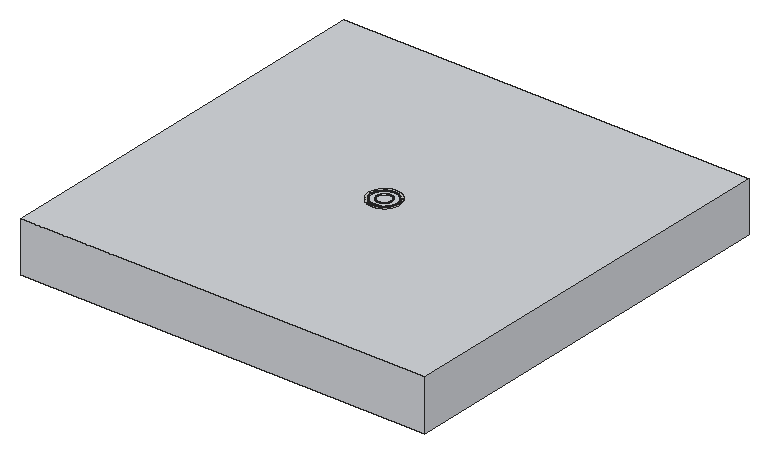
Revit family "LAMP_HANCE DOWNLIGHT RECESSED FLOOD 3000_4000", category Modelos genéricos, Revit 2015
Parameters (values of type "2686LM 4000K 3000 BLACK")
  Weight = 1.36 kg
  Aro 3000/4000 = yes
  Aro 1000/2000 = no
  Type = "COB PHILIPS"
  Tilting [instance] = if(Tilt < 0.00°, 180.00°, if(Tilt > 30.00°, 210.00°, Tilt + 180.00°))  # 180.00°
  Tilt [instance] = 0.00°
  Recessed diameter = 175 mm
  Protection rating = "IP20"
  Product datasheet = "http://www.lamp.es/product-files/TECH/HD1RE30FL840NBB-EN.pdf"
  Product code = "HD1RE30FL840NBB"
  Product URL = "https://www.lamp.es/en/family/hance-downlight_196363"
  Power Supply = "220-240V 50/60Hz"
  Power = 25 W
  Plum = 27.8 W
  Photometric web file = Cuerpo Hance BASE (tilting)_FL : 2686LM 4000K 3000 BLACK
  Modelo = Product code  # "HD1RE30FL840NBB"
  Model explanation = "Availability of tilting between 0º and 30º when placed in a project."
  Material interior aro = LAMP_Aluminio Hance Negro
  Material aro = LAMP_Aluminio Hance Negro
  Manufacturer name = "LAMP"
  Manufacturer country = "Spain"
  Manufacturer URL = "http://www.lamp.es/en"
  MacAdam = "3"
  Luminaire type = "Indoor - Recessed downlight"
  Last update = "21/11/2019"
  Lamp = "COB LED"
  LED Lifetime = "50.000 L80 B10"
  Insulation class = "II"
  Installation instructions = "https://www.lamp.es/product-files/INS/1004410-B-INSTR.%20DE%20MONTAJE%20HANCE%20DOWNLIGHT.pdf"
  Initial intensity = 2686 lm
  Initial color = 4000 K
  IEE = "A+"
  Gear = "Electronic"
  Finish = "Texturised black RAL 9011"
  Fabricante = Manufacturer name  # "LAMP"
  Default Elevation = 1219.2 mm
  Efficacy = 96.62 lm/W
  Radio aro exterior = 49 mm
  Diameter = 188 mm
  Descripción = "HANCE DOWN REC 3000 NW FL BK."
  Decorative ring [instance] = Aro decorativo 3000_4000 (tilting) : Black
  Comentarios de tipo = Model explanation  # "Availability of tilting between 0º and 30º when placed in a project."
  CRI = "80"
  Altura modulos = 145 mm
Types (8, lengths in mm): name | Product datasheet | Product code | Power | Plum | Photometric web file | Modelo | Material aro | Initial intensity | Initial color | Finish | Efficacy | Descripción
  2686LM 4000K 3000 BLACK | "http://www.lamp.es/product-files/TECH/HD1RE30FL840NBB-EN.pdf" | "HD1RE30FL840NBB" | 25 W | 27.8 W | Cuerpo Hance BASE (tilting)_FL : 2686LM 4000K 3000 BLACK | "HD1RE30FL840NBB" | LAMP_Aluminio Hance Negro | 2686 lm | 4000 K | "Texturised black RAL 9011" | 96.62 lm/W | "HANCE DOWN REC 3000 NW FL BK."
  2686LM 4000K 3000 WHITE | "http://www.lamp.es/product-files/TECH/HD1RE30FL840NBW-EN.pdf" | "HD1RE30FL840NBW" | 25 W | 27.8 W | Cuerpo Hance BASE (tilting)_FL : 2686LM 4000K 3000 WHITE | "HD1RE30FL840NBW" | LAMP_Aluminio Hance Blanco | 2686 lm | 4000 K | "Texturised white RAL 9010" | 96.62 lm/W | "HANCE DOWN REC 3000 NW FL WH."
  2740LM 3000K 3000 BLACK | "http://www.lamp.es/product-files/TECH/HD1RE30FL830NBB-EN.pdf" | "HD1RE30FL830NBB" | 25 W | 28.2 W | Cuerpo Hance BASE (tilting)_FL : 2740LM 3000K 3000 BLACK | "HD1RE30FL830NBB" | LAMP_Aluminio Hance Negro | 2740 lm | 3000 K | "Texturised black RAL 9011" | 97.16 lm/W | "HANCE DOWN REC 3000 WW FL BK."
  2740LM 3000K 3000 WHITE | "http://www.lamp.es/product-files/TECH/HD1RE30FL830NBW-EN.pdf" | "HD1RE30FL830NBW" | 25 W | 28.2 W | Cuerpo Hance BASE (tilting)_FL : 2740LM 3000K 3000 WHITE | "HD1RE30FL830NBW" | LAMP_Aluminio Hance Blanco | 2740 lm | 3000 K | "Texturised white RAL 9010" | 97.16 lm/W | "HANCE DOWN REC 3000 WW FL WH."
  3695LM 3000K 4000 BLACK | "http://www.lamp.es/product-files/TECH/HD1RE40FL830NBB-EN.pdf" | "HD1RE40FL830NBB" | 34 W | 37.6 W | Cuerpo Hance BASE (tilting)_FL : 3695LM 3000K 4000 BLACK | "HD1RE40FL830NBB" | LAMP_Aluminio Hance Negro | 3695 lm | 3000 K | "Texturised black RAL 9011" | 98.28 lm/W | "HANCE DOWN REC 4000 WW FL BK."
  3695LM 3000K 4000 WHITE | "http://www.lamp.es/product-files/TECH/HD1RE40FL830NBW-EN.pdf" | "HD1RE40FL830NBW" | 34 W | 37.6 W | Cuerpo Hance BASE (tilting)_FL : 3695LM 3000K 4000 WHITE | "HD1RE40FL830NBW" | LAMP_Aluminio Hance Blanco | 3695 lm | 3000 K | "Texturised white RAL 9010" | 98.28 lm/W | "HANCE DOWN REC 4000 WW FL WH."
  3845LM 4000K 4000 BLACK | "http://www.lamp.es/product-files/TECH/HD1RE40FL840NBB-EN.pdf" | "HD1RE40FL840NBB" | 34 W | 37.6 W | Cuerpo Hance BASE (tilting)_FL : 3845LM 4000K 4000 BLACK | "HD1RE40FL840NBB" | LAMP_Aluminio Hance Negro | 3845 lm | 4000 K | "Texturised black RAL 9011" | 102.26 lm/W | "HANCE DOWN REC 4000 NW FL BK."
  3845LM 4000K 4000 WHITE | "http://www.lamp.es/product-files/TECH/HD1RE40FL840NBW-EN.pdf" | "HD1RE40FL840NBW" | 34 W | 37.6 W | Cuerpo Hance BASE (tilting)_FL : 3845LM 4000K 4000 WHITE | "HD1RE40FL840NBW" | LAMP_Aluminio Hance Blanco | 3845 lm | 4000 K | "Texturised white RAL 9010" | 102.26 lm/W | "HANCE DOWN REC 4000 NW FL WH."
Reference planes
  plane 1 "Centro (Frontal/Posterior)": y = 0
  plane 2: z = 0
  plane 3 "Centro (Izquierda/Derecha)": x = 0
Forms (mm)
  Extrusion 1, solid
    sketch origin (0, 0, 0) x (1, 0, 0) y (0, 1, 0)
      loop
        line (-1219.2, 1219.2) -> (-1219.2, -1219.2) -> (1219.2, -1219.2) -> (1219.2, 1219.2) -> (-1219.2, 1219.2)
    from 0 to -304.8
  Revolve 2, solid, material "LAMP_Aluminio Hance Negro" <- "Material aro"
    sketch origin (0, 0, 0) x (1, 0, 0) y (0, 0, 1)
      loop
        line (94, 0) -> (94, 1) -> (79.1, 1) -> (79.1, -38.896) -> (87.1, -38.896) -> (87.1, -37.896) -> (81.6, -37.896) -> (81.6, 0) -> (94, 0)
      axis (0, 1) -> (0, -38.896)
    angle from 0 to 360
  Revolve 3, solid, material "LAMP_Aluminio Hance Negro" <- "Material interior aro", visible <- "Aro 3000/4000"
    sketch origin (0, 0, 0) x (1, 0, 0) y (0, 0, 1)
      loop
        arc (74.724, -0.646) -> (74.448, -1.016) -> (74.348, -1.466) r 1.1
        arc (74.348, -1.466) -> (72.204, -17.889) -> (66.127, -33.297) r 67.535
        arc (66.127, -33.297) -> (65.772, -33.665) -> (65.28, -33.8) r 0.965
        line (65.28, -33.8) -> (0, -33.8) -> (0, -34.8) -> (65.28, -34.8)
        arc (65.28, -34.8) -> (65.772, -34.665) -> (66.127, -34.297) r 0.965
        arc (66.127, -34.297) -> (72.204, -18.889) -> (74.348, -2.466) r 67.535
        arc (74.348, -2.466) -> (74.448, -2.016) -> (74.724, -1.646) r 1.1
        arc (74.724, -1.646) -> (76.762, -0.425) -> (79.1, 0) r 6.641
        line (79.1, 0) -> (79.1, 1)
        arc (79.1, 1) -> (76.762, 0.575) -> (74.724, -0.646) r 6.641
      axis (0, 1) -> (0, -34.8)
    angle from 0 to 360
  Extrusion 4, void
    sketch origin (0, 0, 0) x (1, 0, 0) y (0, 1, 0)
      loop
        line (22.671, 46.054) -> (-22.668, 46.054)
        arc (-22.668, 46.054) -> (-69.098, -0.376) -> (-22.668, -46.807) r 46.43
        line (-22.668, -46.807) -> (22.671, -46.807)
        arc (22.671, -46.807) -> (69.102, -0.376) -> (22.671, 46.054) r 46.43
    from -196.113 to 250
Cuts and joins
  Extrusion 4 cuts Revolve 3
Text (mm)
  text "Any modification of the parameters and properties of the LAMP BIM models must be executed and validated by the LAMP technical department.\n\nPhone: +34 93 736 68 00\n\nE-mail: lamp@lamp.es\n\n\n\nLAMP reserves the right to modify the technical specifications of its products." at (39771.841, -40794.867, 40621.237), in view "Preview"
Dimensions and locks
  aligned and locked: plane 2 to Extrusion 1
  aligned and locked: level to Extrusion 1
Nested families
  nested 1: "Aro decorativo 3000_4000 (tilting)" at (0, 0, -68.882) x (1, 0, 0) z (0, 0, -1), type <- "Decorative ring", type "Black"
    with Tilting 180.00°
  nested 2: "Cuerpo Hance BASE (tilting)_FL" at (0, 1.967, -6.662), type <- "Photometric web file", type "2686LM 4000K 3000 BLACK"
    with Tilting 180.00°
Definition of nested family "Aro decorativo 3000_4000 (tilting)"
  Parameters (values of type "Black")
    Weight (3000/4000) = 0.016 kg
    Weight (1000/2000) = 0.01 kg
    Tilting = 0.00°
    Product datasheet = ""
    Product code (3000/4000) = "HSRI90C"
    Product code (1000/2000) = "HSRI65C"
    Product URL = ""
    Model = ""
    Material aro = none
    Manufacturer name = "LAMP"
    Manufacturer country = "Spain"
    Manufacturer URL = "http://www.lamp.es/en"
    Longitud = 42.5 mm
    Last update = "21/05/2018"
    Installation instructions = ""
    Finish = "Metalized matt copper"
    Manufacturer = Manufacturer name  # "LAMP"
    Default Elevation = 1219.2 mm
    Diameter (3000/4000) = 90 mm
    Diameter (1000/2000) = 65 mm
    Description = ""
    Accessory Type = "Optic"
    3000/4000 Model = "HSRI90C"
    3000/4000 Description = "HANCE 3000/4000 ACC. RING DECO CO."
    1000/2000 Model = "HSRI65C"
    1000/2000 Description = "HANCE 1000/2000 ACC. RING DECO CO."
  Types (5, lengths in mm): name | Product code (3000/4000) | Product code (1000/2000) | Finish | 3000/4000 Model | 3000/4000 Description | 1000/2000 Model | 1000/2000 Description
    (no name) | "HSRI90C" | "HSRI65C" | "Metalized matt copper" | "HSRI90C" | "HANCE 3000/4000 ACC. RING DECO CO." | "HSRI65C" | "HANCE 1000/2000 ACC. RING DECO CO."
    Black | "HSRI90C" | "HSRI65C" | "Metalized matt copper" | "HSRI90C" | "HANCE 3000/4000 ACC. RING DECO CO." | "HSRI65C" | "HANCE 1000/2000 ACC. RING DECO CO."
    Copper | "HSRI90C" | "HSRI65C" | "Metalized matt copper" | "HSRI90C" | "HANCE 3000/4000 ACC. RING DECO CO." | "HSRI65C" | "HANCE 1000/2000 ACC. RING DECO CO."
    Grey | "HSRI90M" | "HSRI65M" | "Metalized matt silver" | "HSRI90M" | "HANCE 3000/4000 ACC. RING DECO MET." | "HSRI65M" | "HANCE 1000/2000 ACC. RING DECO MET."
    White | "HSRI90W" | "HSRI65W" | "Matt White" | "HSRI90W" | "HANCE 3000/4000 ACC. RING DECO WH." | "HSRI65W" | "HANCE 1000/2000 ACC. RING DECO WH."
  Reference planes
    plane 1 "Centro (Frontal/Posterior)": y = 0
    plane 2: z = 0
    plane 3 "Centro (Izquierda/Derecha)": x = 0
  Lines and regions (mm)
    reference lines
      curve 1: line (0, 0, 0) -> (0, 0, 80.8)
    model lines
      curve 2: line (68.747, 0, 0) -> (69.9, 0, 0)
  Text (mm)
    text "Any modification of the parameters and properties of the LAMP BIM models must be executed and validated by the LAMP technical department.\n\nPhone: +34 93 736 68 00\n\nE-mail: lamp@lamp.es\n\n\n\nLAMP reserves the right to modify the technical specifications of its products." at (86527.204, -96597.187, 50741.736), in view "Preview"
  Dimensions and locks
    "Tilting": angle curve 1 to plane 3 "Centro (Izquierda/Derecha)"
    aligned and locked: level to plane 2
    aligned and locked: plane 3 "Centro (Izquierda/Derecha)" to curve 1
    aligned and locked: plane 2 to curve 1
  Automatic sketch dimensions
    curve 2 to level = 0 mm
    plane 3 "Centro (Izquierda/Derecha)" to curve 2 = 68.747 mm
    curve 2 to curve 2 = 1.153 mm
  Nested families
    nested 1: "Aro decorativo 3000_4000" at (-27.9, 0, 17.2) x (0, 0, 1) z (-1, 0, 0), type "Copper"
  Definition of nested family "Aro decorativo 3000_4000"
    Parameters (values of type "Black")
      Weight (3000/4000) = 0.016 kg
      Weight (1000/2000) = 0.01 kg
      Product datasheet = ""
      Product code (3000/4000) = "HSRI90C"
      Product code (1000/2000) = "HSRI65C"
      Product URL = ""
      Model = ""
      Material aro = none
      Manufacturer name = "LAMP"
      Manufacturer country = "Spain"
      Manufacturer URL = "http://www.lamp.es/en"
      Longitud = 42.5 mm
      Last update = "21/05/2018"
      Installation instructions = ""
      Finish = "Metalized matt copper"
      Manufacturer = Manufacturer name  # "LAMP"
      Default Elevation = 1219.2 mm
      Diametro vaciado aro interior = if(Diametro aro interior = 35.4 mm, 34.4 mm, 21.9 mm)  # 34.4 mm
      Diametro vaciado aro exterior = if(Diametro aro exterior = 42.9 mm, 41.9 mm, 29.4 mm)  # 41.9 mm
      Diametro aro interior = if(Diametro aro exterior = 42.9 mm, 35.4 mm, 22.9 mm)  # 35.4 mm
      Diametro aro exterior = if(Longitud = 42.5 mm, 42.9 mm, 30.4 mm)  # 42.9 mm
      Diameter (3000/4000) = 90 mm
      Diameter (1000/2000) = 65 mm
      Description = ""
      Accessory Type = "Optic"
      3000/4000 Model = "HSRI90C"
      3000/4000 Description = "HANCE 3000/4000 ACC. RING DECO CO."
      1000/2000 Description = "HANCE 1000/2000 ACC. RING DECO CO."
      1000/2000 Model = "HSRI65C"
    Types (4, lengths in mm): name | Manufacturer URL
      Black | "http://www.lamp.es/en"
      Copper | "http://www.lamp.es/en"
      Grey | "http://www.lamp.es/en"
      White | ""
    Reference planes
      plane 1 "Centro (Frontal/Posterior)": y = 0
      plane 2: z = 0
      plane 3 "Centro (Izquierda/Derecha)": x = 0
    Forms (mm)
      Revolve 1, solid, material <- "Material aro"
        sketch origin (0, 0, -27.9) x (1, 0, 0) y (0, 0, 1)
          loop
            line (42.5, 0) -> (52.682, 0) -> (52.682, 42.9) -> (42.5, 35.4) -> (42.5, 0)
          axis (52.682, 0) -> (42.5, 0)
        angle from 0 to 360
      Revolve 2, void
        sketch origin (0, 0, -27.9) x (1, 0, 0) y (0, 0, 1)
          loop
            line (52.682, 41.9) -> (42.5, 34.4) -> (42.5, 0) -> (52.682, 0) -> (52.682, 41.9)
          axis (42.5, 0) -> (52.682, 0)
        angle from 0 to 360
    Cuts and joins
      Revolve 2 cuts Revolve 1
    Lines and regions (mm)
      reference lines
        curve 1: line (0, 0, -27.9) -> (42.5, 0, -27.9)
    Text (mm)
      text "Any modification of the parameters and properties of the LAMP BIM models must be executed and validated by the LAMP technical department.\n\nPhone: +34 93 736 68 00\n\nE-mail: lamp@lamp.es\n\n\n\nLAMP reserves the right to modify the technical specifications of its products." at (91886.357, -93022.329, 47898.266), in view "Preview"
    Dimensions and locks
      "Diametro aro exterior": Revolve 1 sketch curve to Revolve 1 sketch curve
      "Diametro vaciado aro exterior": Revolve 2 sketch curve to Revolve 2 sketch curve
      "Longitud": curve 1 to plane 3 "Centro (Izquierda/Derecha)"
      "Diametro aro interior": Revolve 1 sketch curve to Revolve 1 sketch curve
      "Diametro vaciado aro interior": Revolve 2 sketch curve to Revolve 2 sketch curve
      aligned and locked: level to plane 2
    Automatic sketch dimensions
      Revolve 1 sketch curve to curve 1 = 0 mm  (x4)
      curve 1 to Revolve 1 sketch curve = 10.182 mm
      Revolve 1 sketch curve to Revolve 1 sketch curve = 0 mm
      Revolve 2 sketch curve to curve 1 = 0 mm  (x3)
      curve 1 to Revolve 2 sketch curve = 10.182 mm
      Revolve 2 sketch curve to curve 1 = 1261.008 mm
      Revolve 2 sketch curve to Revolve 2 sketch curve = 1898.983 mm
      curve 1 to plane 3 "Centro (Izquierda/Derecha)" = 0 mm
      curve 1 to level = 27.9 mm
Definition of nested family "Cuerpo Hance BASE (tilting)_FL"
  Parameters (values of type "2686LM 4000K 3000 BLACK")
    Tilting = 90.00°
    Photometric web file = Cuerpo Hance BASE_FL : 2686LM 4000K 3000 BLACK
    Longitud cuerpo = 135 mm
    Default Elevation = 1219.2 mm
  Types (17, lengths in mm): name | Photometric web file
    (no name) | Cuerpo Hance BASE_FL : 2686LM 4000K 3000 BLACK
    675LM 4000K 1000 BLACK | Cuerpo Hance BASE_FL : 675LM 4000K 1000 BLACK
    675LM 4000K 1000 WHITE | Cuerpo Hance BASE_FL : 675LM 4000K 1000 WHITE
    697LM 3000K 1000 BLACK | Cuerpo Hance BASE_FL : 697LM 3000K 1000 BLACK
    697LM 3000K 1000 WHITE | Cuerpo Hance BASE_FL : 697LM 3000K 1000 WHITE
    1445LM 3000K 2000 BLACK | Cuerpo Hance BASE_FL : 1445LM 3000K 2000 BLACK
    1445LM 3000K 2000 WHITE | Cuerpo Hance BASE_FL : 1445LM 3000K 2000 WHITE
    1466LM 4000K 2000 BLACK | Cuerpo Hance BASE_FL : 1466LM 4000K 2000 BLACK
    1466LM 4000K 2000 WHITE | Cuerpo Hance BASE_FL : 1466LM 4000K 2000 WHITE
    2686LM 4000K 3000 BLACK | Cuerpo Hance BASE_FL : 2686LM 4000K 3000 BLACK
    2686LM 4000K 3000 WHITE | Cuerpo Hance BASE_FL : 2686LM 4000K 3000 WHITE
    2740LM 3000K 3000 BLACK | Cuerpo Hance BASE_FL : 2740LM 3000K 3000 BLACK
    2740LM 3000K 3000 WHITE | Cuerpo Hance BASE_FL : 2740LM 3000K 3000 WHITE
    3695LM 3000K 4000 BLACK | Cuerpo Hance BASE_FL : 3695LM 3000K 4000 BLACK
    3695LM 3000K 4000 WHITE | Cuerpo Hance BASE_FL : 3695LM 3000K 4000 WHITE
    3845LM 4000K 4000 BLACK | Cuerpo Hance BASE_FL : 3845LM 4000K 4000 BLACK
    3845LM 4000K 4000 WHITE | Cuerpo Hance BASE_FL : 3845LM 4000K 4000 WHITE
  Reference planes
    plane 1 "Centro (Frontal/Posterior)": y = 0
    plane 2: z = 0
    plane 3 "Centro (Izquierda/Derecha)": x = 0
  Lines and regions (mm)
    reference lines
      curve 1: line (0, 0, 0) -> (200, 0, 0)
  Dimensions and locks
    "Tilting": angle plane 3 "Centro (Izquierda/Derecha)" to curve 1
    aligned and locked: level to plane 2
    aligned and locked: plane 3 "Centro (Izquierda/Derecha)" to curve 1
    aligned and locked: plane 2 to curve 1
  Nested families
    nested 1: "Cuerpo Hance BASE_FL" at (-50.338, -1.967, 27.875), type <- "Photometric web file", type "2686LM 4000K 3000 BLACK"
  Definition of nested family "Cuerpo Hance BASE_FL"
    Parameters (values of type "675LM 4000K 1000 BLACK")
      Tilt Angle = 90.00° + Tilting  # 180.00°
      Wattage = 7.6 W
      Tilting = 90.00°
      built-in parameter 1150107 = 4000 (stored number, unit not read)
      Radio vacio posterior = Radio cuerpo - 2.2 mm  # 30.3 mm
      Radio vaciado = Radio cuerpo - 1.5 mm  # 31 mm
      Radio cuerpo = if(Longitud cuerpo = 100 mm, 45 mm, 32.5 mm)  # 32.5 mm
      built-in parameter 1150110 = 1 (stored number, unit not read)
      built-in parameter 1150109 = 1 (stored number, unit not read)
      built-in parameter 1150112 = 1 (stored number, unit not read)
      built-in parameter 1150113 = 1 (stored number, unit not read)
      built-in parameter 1114218 = 1 (stored number, unit not read)
      built-in parameter 1150137 = (empty or 0)
      built-in parameter 1150132 = 2
      Material reflector = none
      Material cuerpo = none
      Material COB = none
      Longitud cuerpo = 135 mm
      Long. origen luz = if(Longitud cuerpo = 100 mm, 20 mm, if(Longitud cuerpo = 170 mm, 55 mm, 90 mm))  # 90 mm
      L_3 = if(Ancho disipador posterior = 80.4 mm, 39.6 mm, 12 mm)  # 12 mm
      L_2 = if(Ancho disipador posterior = 80.4 mm, 36.3 mm, 22.6 mm)  # 22.6 mm
      L_1 = if(Ancho disipador posterior = 80.4 mm, 36.8 mm, 25.4 mm)  # 25.4 mm
      built-in parameter 1150105 = 2229.4 (stored number, unit not read)
      built-in parameter 1150102 = (empty or 0)
      built-in parameter 1150106 = 22.294 (stored number, unit not read)
      Lumens = 675.032 lm
      Color Filter = 16777215
      built-in parameter 1114217 = 1 (stored number, unit not read)
      built-in parameter 1150139 = (empty or 0)
      Default Elevation = 1219.2 mm
      built-in parameter 1150104 = 8.2516 (stored number, unit not read)
      Diametro aro = if(Radio cuerpo = 45 mm, 42.9 mm, 30.4 mm)  # 30.4 mm
      built-in parameter 1150115 = 1 (stored number, unit not read)
      built-in parameter 1150114 = 1 (stored number, unit not read)
      built-in parameter 1150138 = (empty or 0)
      built-in parameter 1150134 = 12
      Dimming Lamp Color Temperature Shift = (empty or 0)
      Photometric Web File = "HD1RE10FL840NBB.IES"
      Ancho vaciado reflector = if(Radio cuerpo = 45 mm, 34.4 mm, 21.9 mm)  # 21.9 mm
      Ancho reflector = if(Radio cuerpo = 45 mm, 35.4 mm, 22.9 mm)  # 22.9 mm
      Ancho disipador posterior = if(Radio cuerpo = 32.5 mm, 53 mm, 80.4 mm)  # 53 mm
      built-in parameter 1150133 = 10 (stored number, unit not read)
      Altura disipador superior = if(Radio cuerpo = 45 mm, 23.9 mm, 36.9 mm)  # 36.9 mm
      Ancho disipador superior = if(Radio cuerpo = 45 mm, 28 mm, 22.6 mm)  # 22.6 mm
    Types (16, lengths in mm): name | Wattage | built-in parameter 1150107 | Radio vacio posterior | Radio vaciado | Radio cuerpo | Longitud cuerpo | Long. origen luz | L_3 | L_2 | L_1 | built-in parameter 1150105 | built-in parameter 1150106 | Lumens | built-in parameter 1150104 | Diametro aro | built-in parameter 1150134 | Photometric Web File | Ancho vaciado reflector | Ancho reflector | Ancho disipador posterior | Altura disipador superior | Ancho disipador superior
      675LM 4000K 1000 BLACK | 7.6 W | 4000 (stored number, unit not read) | 30.3 | 31 | 32.5 | 135 | 90 | 12 | 22.6 | 25.4 | 2229.4 (stored number, unit not read) | 22.294 (stored number, unit not read) | 675.032 lm | 8.2516 (stored number, unit not read) | 30.4 | 12 | "HD1RE10FL840NBB.IES" | 21.9 | 22.9 | 53 | 36.9 | 22.6
      675LM 4000K 1000 WHITE | 7.6 W | 4000 (stored number, unit not read) | 30.3 | 31 | 32.5 | 135 | 90 | 12 | 22.6 | 25.4 | 2229.4 (stored number, unit not read) | 22.294 (stored number, unit not read) | 675.032 lm | 8.2516 (stored number, unit not read) | 30.4 | 12 | "HD1RE10FL840NBW.IES" | 21.9 | 22.9 | 53 | 36.9 | 22.6
      697LM 3000K 1000 BLACK | 7.7 W | 3000 (stored number, unit not read) | 30.3 | 31 | 32.5 | 135 | 90 | 12 | 22.6 | 25.4 | 1447 (stored number, unit not read) | 14.47 (stored number, unit not read) | 696.773 lm | 8.4068 (stored number, unit not read) | 30.4 | (empty or 0) | "HD1RE10FL830NBB.IES" | 21.9 | 22.9 | 53 | 36.9 | 22.6
      697LM 3000K 1000 WHITE | 7.7 W | 3000 (stored number, unit not read) | 30.3 | 31 | 32.5 | 135 | 90 | 12 | 22.6 | 25.4 | 1447 (stored number, unit not read) | 14.47 (stored number, unit not read) | 696.773 lm | 8.4068 (stored number, unit not read) | 30.4 | (empty or 0) | "HD1RE10FL830NBW.IES" | 21.9 | 22.9 | 53 | 36.9 | 22.6
      1445LM 3000K 2000 BLACK | 20.7 W | 3000 (stored number, unit not read) | 30.3 | 31 | 32.5 | 135 | 90 | 12 | 22.6 | 25.4 | 3001.7 (stored number, unit not read) | 30.017 (stored number, unit not read) | 1445.48 lm | 6.4874 (stored number, unit not read) | 30.4 | (empty or 0) | "HD1RE20FL830NBB.IES" | 21.9 | 22.9 | 53 | 36.9 | 22.6
      1445LM 3000K 2000 WHITE | 20.7 W | 3000 (stored number, unit not read) | 30.3 | 31 | 32.5 | 135 | 90 | 12 | 22.6 | 25.4 | 3001.7 (stored number, unit not read) | 30.017 (stored number, unit not read) | 1445.48 lm | 6.4874 (stored number, unit not read) | 30.4 | (empty or 0) | "HD1RE20FL830NBW.IES" | 21.9 | 22.9 | 53 | 36.9 | 22.6
      1466LM 4000K 2000 BLACK | 20.6 W | 4000 (stored number, unit not read) | 30.3 | 31 | 32.5 | 135 | 90 | 12 | 22.6 | 25.4 | 2960 (stored number, unit not read) | 29.6 (stored number, unit not read) | 1466.1 lm | 6.6119 (stored number, unit not read) | 30.4 | 12 | "HD1RE20FL840NBB.IES" | 21.9 | 22.9 | 53 | 36.9 | 22.6
      1466LM 4000K 2000 WHITE | 20.6 W | 4000 (stored number, unit not read) | 30.3 | 31 | 32.5 | 135 | 90 | 12 | 22.6 | 25.4 | 2960 (stored number, unit not read) | 29.6 (stored number, unit not read) | 1466.1 lm | 6.6119 (stored number, unit not read) | 30.4 | 12 | "HD1RE20FL840NBB.IES" | 21.9 | 22.9 | 53 | 36.9 | 22.6
      2686LM 4000K 3000 BLACK | 27.8 W | 4000 (stored number, unit not read) | 42.8 | 43.5 | 45 | 100 | 20 | 39.6 | 36.3 | 36.8 | 5423.1 (stored number, unit not read) | 54.231 (stored number, unit not read) | 2686.04 lm | 8.9763 (stored number, unit not read) | 42.9 | 12 | "HD1RE30FL840NBB.IES" | 34.4 | 35.4 | 80.4 | 23.9 | 28
      2686LM 4000K 3000 WHITE | 27.8 W | 4000 (stored number, unit not read) | 42.8 | 43.5 | 45 | 100 | 20 | 39.6 | 36.3 | 36.8 | 5423.1 (stored number, unit not read) | 54.231 (stored number, unit not read) | 2686.04 lm | 8.9763 (stored number, unit not read) | 42.9 | 12 | "HD1RE30FL840NBW.IES" | 34.4 | 35.4 | 80.4 | 23.9 | 28
      2740LM 3000K 3000 BLACK | 28.2 W | 3000 (stored number, unit not read) | 42.8 | 43.5 | 45 | 100 | 20 | 39.6 | 36.3 | 36.8 | 8235.7 (stored number, unit not read) | 82.357 (stored number, unit not read) | 2739.91 lm | 9.0265 (stored number, unit not read) | 42.9 | (empty or 0) | "HD1RE30FL830NBB.IES" | 34.4 | 35.4 | 80.4 | 23.9 | 28
      2740LM 3000K 3000 WHITE | 28.2 W | 3000 (stored number, unit not read) | 42.8 | 43.5 | 45 | 100 | 20 | 39.6 | 36.3 | 36.8 | 8235.7 (stored number, unit not read) | 82.357 (stored number, unit not read) | 2739.91 lm | 9.0265 (stored number, unit not read) | 42.9 | (empty or 0) | "HD1RE30FL830NBW.IES" | 34.4 | 35.4 | 80.4 | 23.9 | 28
      3695LM 3000K 4000 BLACK | 37.6 W | 3000 (stored number, unit not read) | 42.8 | 43.5 | 45 | 100 | 20 | 39.6 | 36.3 | 36.8 | 294.06 (stored number, unit not read) | 2.9406 (stored number, unit not read) | 3695.33 lm | 9.1305 (stored number, unit not read) | 42.9 | (empty or 0) | "HD1RE40FL830NBB.IES" | 34.4 | 35.4 | 80.4 | 23.9 | 28
      3695LM 3000K 4000 WHITE | 37.6 W | 3000 (stored number, unit not read) | 42.8 | 43.5 | 45 | 100 | 20 | 39.6 | 36.3 | 36.8 | 294.06 (stored number, unit not read) | 2.9406 (stored number, unit not read) | 3695.33 lm | 9.1305 (stored number, unit not read) | 42.9 | (empty or 0) | "HD1RE40FL830NBB.IES" | 34.4 | 35.4 | 80.4 | 23.9 | 28
      3845LM 4000K 4000 BLACK | 37.6 W | 4000 (stored number, unit not read) | 42.8 | 43.5 | 45 | 100 | 20 | 39.6 | 36.3 | 36.8 | 11268 (stored number, unit not read) | 112.68 (stored number, unit not read) | 3844.98 lm | 9.5003 (stored number, unit not read) | 42.9 | 12 | "HD1RE40FL840NBB.IES" | 34.4 | 35.4 | 80.4 | 23.9 | 28
      3845LM 4000K 4000 WHITE | 37.6 W | 4000 (stored number, unit not read) | 42.8 | 43.5 | 45 | 100 | 20 | 39.6 | 36.3 | 36.8 | 11268 (stored number, unit not read) | 112.68 (stored number, unit not read) | 3844.98 lm | 9.5003 (stored number, unit not read) | 42.9 | 12 | "HD1RE40FL840NBW.IES" | 34.4 | 35.4 | 80.4 | 23.9 | 28
    Reference planes
      plane 1 "Centro (Frontal/Posterior)": y = 0
      plane 2: z = 0
      plane 3 "Centro (Izquierda/Derecha)": x = 0
    Forms (mm)
      Extrusion 1, solid, material <- "Material cuerpo"
        sketch origin (0, 0, 0) x (0, -1, 0) y (0, 0, 1)
          loop
            circle (0, -27.875) r 32.5
        from -93 to 42
      Extrusion 2, void
        sketch origin (0, 0, 0) x (0, 1, 0) y (0, 0, 1)
          loop
            line (11.3, 30) -> (-11.3, 30) -> (-11.3, -6.9)
            arc (-11.3, -6.9) -> (0, -7.855) -> (11.3, -6.9) r 67.349
            line (11.3, -6.9) -> (11.3, 30)
        from -42 to 9.4
      Extrusion 3, void
        sketch origin (0, 0, 0) x (0, 1, 0) y (0, 0, 1)
          loop
            circle (0, -27.875) r 30.3
        from -42 to -41
      Extrusion 4, void
        sketch origin (0, 0, 0) x (0, 1, 0) y (0, 0, 1)
          loop
            line (26.5, -26.291) -> (-26.5, -26.291)
            arc (-26.5, -26.291) -> (-27.7, -27.491) -> (-26.5, -28.691) r 1.2
            line (-26.5, -28.691) -> (26.5, -28.691)
            arc (26.5, -28.691) -> (27.7, -27.491) -> (26.5, -26.291) r 1.2
          loop
            line (26.115, -30.891) -> (-26.115, -30.891)
            arc (-26.115, -30.891) -> (-27.315, -32.091) -> (-26.115, -33.291) r 1.2
            line (-26.115, -33.291) -> (26.115, -33.291)
            arc (26.115, -33.291) -> (27.315, -32.091) -> (26.115, -30.891) r 1.2
          loop
            line (25.4, -35.55) -> (-24.915, -35.55)
            arc (-24.915, -35.55) -> (-26.115, -36.75) -> (-24.915, -37.95) r 1.2
            line (-24.915, -37.95) -> (25.4, -37.95)
            arc (25.4, -37.95) -> (26.6, -36.75) -> (25.4, -35.55) r 1.2
          loop
            line (22.6, -40.091) -> (-22.64, -40.091)
            arc (-22.64, -40.091) -> (-23.84, -41.291) -> (-22.64, -42.491) r 1.2
            line (-22.64, -42.491) -> (22.6, -42.491)
            arc (22.6, -42.491) -> (23.8, -41.291) -> (22.6, -40.091) r 1.2
          loop
            line (19.043, -44.691) -> (-19.086, -44.691)
            arc (-19.086, -44.691) -> (-20.286, -45.891) -> (-19.086, -47.091) r 1.2
            line (-19.086, -47.091) -> (19.043, -47.091)
            arc (19.043, -47.091) -> (20.243, -45.891) -> (19.043, -44.691) r 1.2
          loop
            line (15.357, -49.291) -> (-15.5, -49.291)
            arc (-15.5, -49.291) -> (-16.6, -50.391) -> (-15.5, -51.491) r 1.1
            line (-15.5, -51.491) -> (15.357, -51.491)
            arc (15.357, -51.491) -> (16.457, -50.391) -> (15.357, -49.291) r 1.1
          loop
            line (6, -53.691) -> (-6, -53.691)
            arc (-6, -53.691) -> (-7.1, -54.791) -> (-6, -55.891) r 1.1
            line (-6, -55.891) -> (6, -55.891)
            arc (6, -55.891) -> (7.1, -54.791) -> (6, -53.691) r 1.1
        from -42 to -38.7
      Extrusion 5, void
        sketch origin (0, 0, 0) x (-1, 0, 0) y (0, -1, 0)
          loop
            line (37.7, -9.12) -> (37.7, 9.12)
            arc (37.7, 9.12) -> (36.6, 10.22) -> (35.5, 9.12) r 1.1
            line (35.5, 9.12) -> (35.5, -9.12)
            arc (35.5, -9.12) -> (36.6, -10.22) -> (37.7, -9.12) r 1.1
          loop
            line (28.9, -9.12) -> (28.9, 9.12)
            arc (28.9, 9.12) -> (27.8, 10.22) -> (26.7, 9.12) r 1.1
            line (26.7, 9.12) -> (26.7, -9.12)
            arc (26.7, -9.12) -> (27.8, -10.22) -> (28.9, -9.12) r 1.1
          loop
            line (20.1, -9.12) -> (20.1, 9.12)
            arc (20.1, 9.12) -> (19, 10.22) -> (17.9, 9.12) r 1.1
            line (17.9, 9.12) -> (17.9, -9.12)
            arc (17.9, -9.12) -> (19, -10.22) -> (20.1, -9.12) r 1.1
        from -51.491 to 30
      Extrusion 6, void
        sketch origin (0, 0, 0) x (-1, 0, 0) y (0, -1, 0)
          loop
            line (33.3, -9.12) -> (33.3, 9.12)
            arc (33.3, 9.12) -> (32.2, 10.22) -> (31.1, 9.12) r 1.1
            line (31.1, 9.12) -> (31.1, -9.12)
            arc (31.1, -9.12) -> (32.2, -10.22) -> (33.3, -9.12) r 1.1
          loop
            line (24.5, -9.12) -> (24.5, 9.12)
            arc (24.5, 9.12) -> (23.4, 10.22) -> (22.3, 9.12) r 1.1
            line (22.3, 9.12) -> (22.3, -9.12)
            arc (22.3, -9.12) -> (23.4, -10.22) -> (24.5, -9.12) r 1.1
        from -8.232 to 30
      Extrusion 7, void
        sketch origin (0, 0, 0) x (0, 1, 0) y (0, 0, 1)
          loop
            circle (0, -27.875) r 31
        from 17.213 to 93
      Revolve 8, solid, material <- "Material reflector"
        sketch origin (0, 0, 0) x (1, 0, 0) y (0, 0, 1)
          loop
            line (60.5, -27.875) -> (80.818, -27.875) -> (80.818, -4.975) -> (60.5, -19.875) -> (60.5, -27.875)
          axis (60.5, -27.875) -> (80.818, -27.875)
        angle from 0 to 360
      Revolve 9, void
        sketch origin (0, 0, 0) x (1, 0, 0) y (0, 0, 1)
          loop
            line (80.818, -5.975) -> (61.5, -20.142) -> (60.5, -20.142) -> (60.5, -27.875) -> (61.5, -27.875) -> (80.818, -27.875) -> (80.818, -5.975)
          axis (80.818, -27.875) -> (60.5, -27.875)
        angle from 0 to 360
      Extrusion 10, solid, material <- "Material COB"
        sketch origin (0, 0, 0) x (0, -1, 0) y (0, 0, 1)
          loop
            circle (0, -27.875) r 7.733
        from -61.5 to -60.5
    Cuts and joins
      Extrusion 2, Extrusion 3, Extrusion 4, Extrusion 5, Extrusion 6, Extrusion 7 cuts Extrusion 1
      Revolve 9 cuts Revolve 8
    Lines and regions (mm)
      reference lines
        curve 1: line (0, 0, 0) -> (178.042, 0, 0)
        curve 2: line (93, 0, -27.875) -> (183, 0, -27.875)
        curve 3: line (0, 0, 0) -> (0, 0, -75)
        curve 4: line (93, 0, -22.875) -> (93, 0, -32.875)
    Text (mm)
      text "Any modification of the parameters and properties of the LAMP BIM models must be executed and validated by the LAMP technical department.\n\nPhone: +34 93 736 68 00\n\nE-mail: lamp@lamp.es\n\n\n\nLAMP reserves the right to modify the technical specifications of its products." at (97482.136, -81600.41, 57308.082), in view "Preview"
    Dimensions and locks
      locked: Revolve 9 sketch curve to cut or joined group of Extrusion 1, Extrusion 2, Extrusion 3, Extrusion 4, Extrusion 5, Extrusion 6, Extrusion 7 at 12.182
      "Longitud cuerpo": cut or joined group of Extrusion 1, Extrusion 2, Extrusion 3, Extrusion 4, Extrusion 5, Extrusion 6, Extrusion 7 to cut or joined group of Extrusion 1, Extrusion 2, Extrusion 3, Extrusion 4, Extrusion 5, Extrusion 6, Extrusion 7
      locked: cut or joined group of Extrusion 1, Extrusion 2, Extrusion 3, Extrusion 4, Extrusion 5, Extrusion 6, Extrusion 7 to curve 3 at 42
      locked: cut or joined group of Revolve 8, Revolve 9 to cut or joined group of Extrusion 1, Extrusion 2, Extrusion 3, Extrusion 4, Extrusion 5, Extrusion 6, Extrusion 7 at 12.182
      locked: cut or joined group of Revolve 8, Revolve 9 to cut or joined group of Revolve 8, Revolve 9 at 20.318
      locked: cut or joined group of Extrusion 1, Extrusion 2, Extrusion 3, Extrusion 4, Extrusion 5, Extrusion 6, Extrusion 7 to Extrusion 10 at 31.5
      locked: Extrusion 10 to Extrusion 10 at 1
      "Long. origen luz": curve 4 to curve 2
      equal spacing: Extrusion 4 sketch curve, plane 1 "Centro (Frontal/Posterior)", Extrusion 4 sketch curve  (x2)
      "Ancho disipador posterior": Extrusion 4 sketch curve to Extrusion 4 sketch curve
      "L_1": Extrusion 4 sketch curve to plane 1 "Centro (Frontal/Posterior)"
      "L_2": Extrusion 4 sketch curve to curve 3
      "L_3": Extrusion 4 sketch curve to Extrusion 4 sketch curve
      equal spacing: Extrusion 2 sketch curve, plane 1 "Centro (Frontal/Posterior)", Extrusion 2 sketch curve
      "Ancho disipador superior": Extrusion 2 sketch curve to Extrusion 2 sketch curve
      "Altura disipador superior": Extrusion 2 sketch curve to Extrusion 2 sketch curve
      locked: plane 2 to Extrusion 2 sketch curve at 30
      "Ancho reflector": Revolve 8 sketch curve to imposter light
      "Ancho vaciado reflector": Revolve 9 sketch curve to imposter light
      "Radio cuerpo": radius of Extrusion 1 sketch curve
      "Radio vaciado": radius of Extrusion 7 sketch curve
      "Radio vacio posterior": radius of Extrusion 3 sketch curve
      "Tilting": angle plane 3 "Centro (Izquierda/Derecha)" to curve 1
      aligned and locked: level to plane 2
      aligned and locked: imposter light to curve 2  (x2)
      aligned and locked: cut or joined group of Extrusion 1, Extrusion 2, Extrusion 3, Extrusion 4, Extrusion 5, Extrusion 6, Extrusion 7 to cut or joined group of Extrusion 1, Extrusion 2, Extrusion 3, Extrusion 4, Extrusion 5, Extrusion 6, Extrusion 7
    Automatic sketch dimensions
      curve 1 to Extrusion 5 sketch curve = 17.9 mm
      Extrusion 5 sketch curve to Extrusion 5 sketch curve = 1.1 mm  (x3)
      Extrusion 5 sketch curve to Extrusion 5 sketch curve = 6.6 mm  (x2)
      Extrusion 5 sketch curve to curve 1 = 9.12 mm  (x2)
      Extrusion 5 sketch curve to Extrusion 5 sketch curve = 0 mm  (x3)
      curve 1 to Extrusion 5 sketch curve = 9.12 mm
      curve 1 to Extrusion 6 sketch curve = 22.3 mm
      Extrusion 6 sketch curve to Extrusion 6 sketch curve = 1.1 mm  (x2)
      Extrusion 6 sketch curve to Extrusion 6 sketch curve = 6.6 mm
      Extrusion 6 sketch curve to curve 1 = 9.12 mm
      Extrusion 6 sketch curve to Extrusion 6 sketch curve = 0 mm  (x2)
      curve 1 to Extrusion 6 sketch curve = 9.12 mm
      Extrusion 10 sketch curve to plane 1 "Centro (Frontal/Posterior)" = 0 mm
      Extrusion 1 sketch curve to plane 1 "Centro (Frontal/Posterior)" = 0 mm
      Extrusion 1 sketch curve to level = 27.875 mm
      Extrusion 2 sketch curve to plane 1 "Centro (Frontal/Posterior)" = 0 mm
      Extrusion 2 sketch curve to Extrusion 2 sketch curve = 29.494 mm
      Extrusion 3 sketch curve to plane 1 "Centro (Frontal/Posterior)" = 0 mm
      Extrusion 3 sketch curve to level = 27.875 mm
      Extrusion 4 sketch curve to Extrusion 4 sketch curve = 0.385 mm  (x2)
      Extrusion 4 sketch curve to Extrusion 4 sketch curve = 1.2 mm  (x6)
      Extrusion 4 sketch curve to Extrusion 4 sketch curve = 2.276 mm
      Extrusion 4 sketch curve to Extrusion 4 sketch curve = 3.554 mm
      Extrusion 4 sketch curve to Extrusion 4 sketch curve = 3.586 mm
      Extrusion 4 sketch curve to Extrusion 4 sketch curve = 9.357 mm
      Extrusion 4 sketch curve to Extrusion 4 sketch curve = 3.557 mm
      Extrusion 4 sketch curve to level = 55.891 mm
      Extrusion 4 sketch curve to Extrusion 4 sketch curve = 1.1 mm  (x2)
      Extrusion 4 sketch curve to Extrusion 4 sketch curve = 2.2 mm  (x4)
      Extrusion 4 sketch curve to Extrusion 4 sketch curve = 2.141 mm
      Extrusion 4 sketch curve to Extrusion 4 sketch curve = 2.259 mm
      Extrusion 7 sketch curve to plane 1 "Centro (Frontal/Posterior)" = 0 mm
      Extrusion 7 sketch curve to level = 27.875 mm
      curve 1 to Revolve 8 sketch curve = 19.875 mm
      curve 1 to Revolve 8 sketch curve = 60.5 mm
      Revolve 8 sketch curve to Revolve 8 sketch curve = 20.318 mm
      Revolve 8 sketch curve to Revolve 8 sketch curve = 8 mm
      Revolve 8 sketch curve to Revolve 8 sketch curve = 0 mm  (x2)
      Revolve 8 sketch curve to Revolve 8 sketch curve = 9.682 mm
      Revolve 9 sketch curve to Revolve 9 sketch curve = 19.318 mm
      Revolve 9 sketch curve to Revolve 9 sketch curve = 0 mm  (x3)
      Revolve 9 sketch curve to Revolve 9 sketch curve = 1 mm
      curve 1 to Revolve 9 sketch curve = 20.142 mm
      Revolve 9 sketch curve to Revolve 9 sketch curve = 7.733 mm
      Revolve 9 sketch curve to Revolve 9 sketch curve = 9.682 mm
      curve 1 to level = 0 mm
      curve 1 to plane 3 "Centro (Izquierda/Derecha)" = 0 mm
      curve 3 to curve 1 = 0 mm  (x2)
      curve 3 to curve 1 = 75 mm
      curve 1 to curve 4 = 32.875 mm
      curve 4 to curve 1 = 85.042 mm
      curve 2 to curve 1 = 27.875 mm
      curve 2 to curve 4 = 5 mm
      radius of Extrusion 10 sketch curve = 7.733 mm
